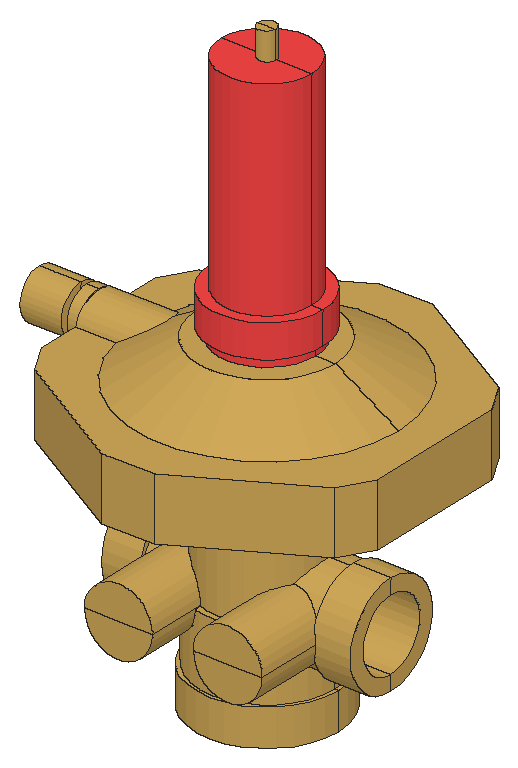
Revit family "Differenzdruckregler 4202 45-80kPa", category Rohrzubehör, Revit 2018
Family settings
  Bemaßung runder Anschluss = Durchmesser verwenden
  Teiletyp = Unterbricht
  OmniClass-Nummer = 23.65.55.14
  OmniClass-Titel = Valves for Liquid Services
  Arbeitsebenenbasiert = Nein
  Immer vertikal = Ja
  Beim Laden mit Abzugskörper schneiden = Nein
  Gemeinsam genutzt = Nein
Parameters (values of type "Ohne Dämmung")
  y2 [instance] = K14 + K9 + H01  # 49.149 mm
  y1 [instance] = (R03 * 2) + R05  # 66.000 mm
  PN = 25  # constant formula
  Min. Betriebstemperatur (Frostschutz) = -20 °C  # constant formula
  Max. zulässige Betriebstemperatur bis DN32 = 130 °C  # constant formula
  Max. zulässige Betriebstemperatur DN40 - DN50 = 110 °C  # constant formula
  Max. Differenzdruck am Gehäuse = 400000.0 Pa  # constant formula
  Max. Betriebsdruck = 25.0 Pa  # constant formula
  Ventilschaft = "Edelstahl 14301"  # constant formula
  URL = "www.herz-armaturen.at"
  SCRNSEQ = "ARM;ARM_TYP=\"DIFR\";2"
  SCRNCODE = "05;03;4"  # constant formula
  S06 [instance] = 1.000 mm  # constant formula
  S05 [instance] = S01 - 1.000 mm  # 16.250 mm
  S04 [instance] = S02 - 1.000 mm  # 18.000 mm
  S03 [instance] = size_lookup("4202 45-80kPa", "S03", 26.500 mm, Nennweite)  # 25.600 mm
  S02 [instance] = size_lookup("4202 45-80kPa", "S02", 19.000 mm, Nennweite)  # 19.000 mm
  S01 [instance] = size_lookup("4202 45-80kPa", "S01", 17.250 mm, Nennweite)  # 17.250 mm
  Regleranschlussmutter = "Messing CW614N"  # constant formula
  Regelbereich = "45 - 80kPa"  # constant formula
  R06 [instance] = size_lookup("4202 45-80kPa", "R06", 14.500 mm, Nennweite)  # 14.500 mm
  R05 [instance] = size_lookup("4202 45-80kPa", "R05", 46.000 mm, Nennweite)  # 46.000 mm
  R04 [instance] = size_lookup("4202 45-80kPa", "R04", 12.500 mm, Nennweite)  # 12.500 mm
  R03 [instance] = size_lookup("4202 45-80kPa", "R03", 10.000 mm, Nennweite)  # 10.000 mm
  R02 = 14.500 mm  # constant formula
  R01 [instance] = size_lookup("4202 45-80kPa", "R01", 12.500 mm, Nennweite)  # 12.500 mm
  Min. Betriebstemperatur (reines Wasser) = 2 °C  # constant formula
  O-Ringe = "EPDM"  # constant formula
  Nennweite [instance] = 15.000 mm
  Membrangehäuse = "Messing CW602N"  # constant formula
  Membrane = "EPDM"  # constant formula
  Medium = "Wasserbeschaffenheit nach ÖNORM H 5195 und VDI 2035\r\nDie Verwendung von Ethylen- und Propylenglykol ist im\r\nMischungsverhältnis 25 - 50 Vol.-% zulässig."
  L2 [instance] = size_lookup("4202 45-80kPa", "L2", 161.000 mm, Nennweite)  # 161.000 mm
  L [instance] = size_lookup("4202 45-80kPa", "L", 66.000 mm, Nennweite)  # 66.000 mm
  K9 = 4.000 mm  # constant formula
  K8 = 55.000 mm  # constant formula
  K7 = 8.700 mm  # constant formula
  K6 = 11.700 mm  # constant formula
  K5 = 13.000 mm  # constant formula
  K4 = 12.000 mm  # constant formula
  K3 = 15.000 mm  # constant formula
  K2 = 2.350 mm  # constant formula
  K18 = 89.000 mm  # constant formula
  K17 = 66.700 mm  # constant formula
  K16 = 3.000 mm  # constant formula
  K15 = 26.649 mm  # constant formula
  K14 = 16.649 mm  # constant formula
  K13 = 16.649 mm  # constant formula
  K12 = 10.000 mm  # constant formula
  K11 = 35.000 mm  # constant formula
  K10 = 18.250 mm  # constant formula
  K1.1 = 2.350 mm  # constant formula
  K1 = 7.651 mm  # constant formula
  J9 = 15.700 mm  # constant formula
  J8 = 7.850 mm  # constant formula
  J7 = 15.897 mm  # constant formula
  J6 = 3.900 mm  # constant formula
  J5 = 6.500 mm  # constant formula
  J4 = 1.500 mm  # constant formula
  J3 = 3.200 mm  # constant formula
  J2 = 11.000 mm  # constant formula
  J11 = 3.500 mm  # constant formula
  J10 = 18.897 mm  # constant formula
  J1 = 6.500 mm  # constant formula
  Hersteller = "HERZ-Armaturen Ges.m.b.H"  # constant formula
  H2 [instance] = size_lookup("4202 45-80kPa", "H2", 28.000 mm, Nennweite)  # 28.000 mm
  H1 [instance] = K1 + K2 + K3 + K4 + K5 + K7 + K8 + K16 + 16.650 mm  # 133.351 mm
  H04 = 4.000 mm  # constant formula
  H03 = 9.800 mm  # constant formula
  H02 [instance] = size_lookup("4202 45-80kPa", "H02", 53.000 mm, Nennweite)  # 53.000 mm
  H01 [instance] = size_lookup("4202 45-80kPa", "H01", 25.000 mm, Nennweite)  # 28.500 mm
  Gehäuse = "DZR Messing CC770S"  # constant formula
  G03 [instance] = size_lookup("4202 45-80kPa", "G03", 13.200 mm, Nennweite)  # 13.200 mm
  G02 [instance] = size_lookup("4202 45-80kPa", "G02", 9.500 mm, Nennweite)  # 9.500 mm
  G01 [instance] = size_lookup("4202 45-80kPa", "G01", 13.500 mm, Nennweite)  # 13.500 mm
  Einstellspindel = "Messing CW614N"  # constant formula
  Hinweise zum Material = "Gemäß Art 33 der REACH-Verordnung (EG Nr. 1907/2006) sind wir verpflichtet, darauf hinzuweisen,\r\ndass der Stoff Blei auf der SVHC-Liste geführt wird und dass alle aus Messing bestehenden Bauteile,\r\ndie in unseren Erzeugnissen verarbeitet sind, mehr als 0,1 % (w/w) Blei (CAS: 7439-92-1 / EINECS:\r\n231-100-4) enthalten. Da Blei als Legierungsbestandteil fest gebunden ist, sind keine Expositionen zu\r\nerwarten und daher sind keine zusätzlichen Angaben zur sicheren Verwendung notwendig.\r\n\r\nIm Hanf enthaltenes Ammoniak schädigt\r\nMessingventilgehäuse, EPDM Dichtungen werden durch\r\nMineralöle bzw. mineralölhaltige Schmierstoffe aufgequollen\r\nund führen somit zum Ausfall der EPDM-Dichtungen. Für\r\nFrost- und Korrosionsschutzmittel auf der Basis von Ethylen- und Propylenglykol sind die entsprechenden\r\nAngaben den Unterlagen des Herstellers zu entnehmen."
  Dämmung = no
  Dämmschale = "EPP (expandiertes Polypropylen)"  # constant formula
  Druckfeder = "Federstahl 14310 NS"  # constant formula
  DN50 [instance] = Nennweite = 50.000 mm  # no
  DN40 [instance] = Nennweite = 40.000 mm  # no
  DN32-40 [instance] = or(Nennweite = 32.000 mm, Nennweite = 40.000 mm)  # no
  DN32 [instance] = Nennweite = 32.000 mm  # no
  DN25,32,40 [instance] = or(Nennweite = 25.000 mm, Nennweite = 32.000 mm, Nennweite = 40.000 mm)  # no
  DN25 [instance] = Nennweite = 25.000 mm  # no
  DN20 [instance] = Nennweite = 20.000 mm  # no
  DN15-25 [instance] = or(Nennweite = 15.000 mm, Nennweite = 20.000 mm, Nennweite = 25.000 mm)  # yes
  DN15,20,50 [instance] = or(Nennweite = 15.000 mm, Nennweite = 20.000 mm, Nennweite = 50.000 mm)  # yes
  DN15 [instance] = Nennweite = 15.000 mm  # yes
  D07 [instance] = if(Nennweite = 15.000 mm, 32.500 mm, if(Nennweite = 20.000 mm, 33.500 mm, if(Nennweite = 25.000 mm, 33.500 mm, if(Nennweite = 32.000 mm, 49.500 mm, if(Nennweite = 40.000 mm, 59.500 mm, if(Nennweite = 50.000 mm, 59.500 mm, 0.000 mm))))))  # 32.500 mm
  D06 [instance] = if(Nennweite = 15.000 mm, 32.500 mm, if(Nennweite = 20.000 mm, 33.500 mm, if(Nennweite = 25.000 mm, 33.500 mm, if(Nennweite = 32.000 mm, 49.500 mm, if(Nennweite = 40.000 mm, 59.500 mm, if(Nennweite = 50.000 mm, 59.500 mm, 0.000 mm))))))  # 32.500 mm
  D05 [instance] = if(Nennweite = 15.000 mm, 36.750 mm, if(Nennweite = 20.000 mm, 40.700 mm, if(Nennweite = 25.000 mm, 49.200 mm, if(Nennweite = 32.000 mm, 54.150 mm, if(Nennweite = 40.000 mm, 60.750 mm, if(Nennweite = 50.000 mm, 72.700 mm, 0.000 mm))))))  # 36.750 mm
  D04 [instance] = if(Nennweite = 15.000 mm, 78.500 mm, if(Nennweite = 20.000 mm, 82.000 mm, if(Nennweite = 25.000 mm, 84.000 mm, if(Nennweite = 32.000 mm, 120.000 mm, if(Nennweite = 40.000 mm, 130.000 mm, if(Nennweite = 50.000 mm, 130.500 mm, 0.000 mm))))))  # 78.500 mm
  D03 [instance] = if(Nennweite = 15.000 mm, 96.000 mm, if(Nennweite = 20.000 mm, 110.000 mm, if(Nennweite = 25.000 mm, 112.000 mm, if(Nennweite = 32.000 mm, 152.000 mm, if(Nennweite = 40.000 mm, 170.000 mm, if(Nennweite = 50.000 mm, 179.000 mm, 0.000 mm))))))  # 96.000 mm
  D02 [instance] = size_lookup("4202 45-80kPa", "R05", 41.000 mm, Nennweite)  # 46.000 mm
  D01 [instance] = size_lookup("4202 45-80kPa", "G01", 13.220 mm, Nennweite)  # 13.500 mm
  Bestellnummer Dämmung [instance] = if(and(Dämmung, Nennweite = 15.000 mm), 1409611, if(and(Dämmung, Nennweite = 20.000 mm), 1409612, if(and(Dämmung, Nennweite = 25.000 mm), 1409613, if(and(Dämmung, Nennweite = 32.000 mm), 1409614, if(and(Dämmung, Nennweite = 40.000 mm), 1409615, if(and(Dämmung, Nennweite = 50.000 mm), 1409616, 0))))))  # 0
  Bestellnummer [instance] = if(Nennweite = 15.000 mm, 1420271, if(Nennweite = 20.000 mm, 1420272, if(Nennweite = 25.000 mm, 1420273, if(Nennweite = 32.000 mm, 1420274, if(Nennweite = 40.000 mm, 1420275, if(Nennweite = 50.000 mm, 1420276, 0))))))  # 1420271
  B2 [instance] = size_lookup("4202 45-80kPa", "B2", 31.000 mm, Nennweite)  # 31.000 mm
  B1 [instance] = size_lookup("4202 45-80kPa", "B1", 26.000 mm, Nennweite)  # 26.000 mm
  B04 = 100.649 mm  # constant formula
  B03 = 44.500 mm  # constant formula
  B02 = 104.688 mm  # constant formula
  B01 = 10.000 mm  # constant formula
  Anzeigehülse = "Kunststoff (Rot)"  # constant formula
  Anwendungsgebiet = "Der Differenzdruckregler ist ein Regler mit linearer Kennlinie in Geradsitzausführung und arbeitet ohne\r\nHilfsenergie. Der gewünschte Differenzdruck-Sollwert kann zwischen 5 und 30 kPa; 25 und 60 kPa bzw.\r\n45 und 80 kPa stufenlos eingestellt werden. Der eingestellte Wert ist mit Hilfe des Einstelldiagrammes\r\nablesbar. Werksseitig ist der Sollwert auf Minimum eingestellt. Der erforderliche Sollwert wird mit dem\r\nEinstellwerkzeug (1 4006 02) eingestellt. Im Lieferumfang enthalten ist die Impulsleitung (1000 mm),\r\ndiese ist im Vorlauf einzubinden."
  Anschlussnippel = "Messing CW602N"  # constant formula
Types (2, lengths in mm): name | Dämmung | Bestellnummer Dämmung
  Ohne Dämmung | no | 0
  Mit Dämmung | yes | 1409611
Reference planes
  plane 1 "Mitte (Vorne/hinten)": y = 0
  plane 2: z = 0
  plane 3 "Mitte (Links/rechts)": x = 0
Forms (mm)
  Revolve 1, solid, material "Messing, weicher Gelbton, geschweißt", detail levels fine
    sketch origin (0, 0, 0) x (1, 0, 0) y (0, 0, 1)
      loop
        line (-19.8, 0) -> (19.8, 0) -> (19.8, 9.5) -> (33, 9.5) -> (33, 13.5) -> (23, 13.5) -> (23, 12.5) -> (-23, 12.5) -> (-23, 13.5) -> (-33, 13.5) -> (-33, 9.5) -> (-19.8, 9.5) -> (-19.8, 0)
      axis (-33, 0) -> (33, 0)
    angle from 0 to 360
  Revolve 2, solid, material "Messing, weicher Gelbton, geschweißt", detail levels fine
    sketch origin (0, 0, 0) x (1, 0, 0) y (0, 0, 1)
      loop
        line (0, -28) -> (0, 0) -> (-18, 0) -> (-18, -18.2) -> (-19, -18.2) -> (-19, -28) -> (0, -28)
      axis (0, 0) -> (0, -28)
    angle from 0 to 360
  Extrusion 3, solid, material "Messing, weicher Gelbton, geschweißt", detail levels fine
    sketch origin (0, 0, 0) x (0, -1, 0) y (1, 0, 0)
      loop
        line (-46, -7.038) -> (-27.114, -39.75) -> (-18.886, -44.5) -> (18.886, -44.5) -> (27.114, -39.75) -> (46, -7.038) -> (46, 7.038) -> (27.114, 39.75) -> (18.886, 44.5) -> (-18.886, 44.5) -> (-27.114, 39.75) -> (-46, 7.038) -> (-46, -7.038)
    from 32.5 to 49.149
  Revolve 4, solid, material "Messing, weicher Gelbton, geschweißt", detail levels fine
    sketch origin (0, 0, -7.051) x (1, 0, 0) y (0, 0, 1)
      loop
        line (0, 56.2) -> (0, 66.2) -> (-18.25, 66.2) -> (-35, 56.2) -> (0, 56.2)
      axis (0, 66.2) -> (0, 56.2)
    angle from 0 to 360
  Revolve 5, solid, material "Messing, weicher Gelbton, geschweißt", visible <- "DN15-25", detail levels fine
    sketch origin (-11, 0, 0) x (1, 0, 0) y (0, 1, 0)
      loop
        line (-1.5, 26) -> (-9.2, 26) -> (-9.2, 0) -> (-1.5, 0) -> (-1.5, 26)
      axis (-1.5, 0) -> (-1.5, 26)
    angle from 0 to 360
  Revolve 6, solid, material "Messing, weicher Gelbton, geschweißt", visible <- "DN15,20,50", detail levels fine
    sketch origin (-0.988, 0, -6.853) x (-1, 0, 0) y (0, 0, 1)
      loop
        line (43.5, 55.25) -> (59.2, 55.25) -> (59.2, 61.75) -> (48.2, 61.75) -> (48.2, 59.15) -> (46.7, 59.15) -> (46.7, 61.75) -> (43.5, 61.75) -> (43.5, 55.25)
      axis (43.5, 55.25) -> (59.2, 55.25)
    angle from 0 to 360
  Extrusion 7, solid, material "Messing, weicher Gelbton, geschweißt", visible <- "DN15,20,50", detail levels fine
    sketch origin (0, 0, 0) x (0, 1, 0) y (0, 0, -1)
      loop
        line (7.85, -47.047) -> (7.85, -36) -> (-7.85, -36) -> (-7.85, -47.047)
        arc (-7.85, -47.047) -> (0, -54.897) -> (7.85, -47.047) r 7.85
    from 0 to 44.5
  Revolve 8, solid, material "Kunsstoff rot", detail levels fine
    sketch origin (0, 0, 0) x (1, 0, 0) y (0, 0, 1)
      loop
        line (-12, 125.849) -> (-12, 70.849) -> (-15, 70.849) -> (-15, 62.149) -> (-13, 62.149) -> (-13, 59.149) -> (0, 59.149) -> (0, 125.849) -> (-12, 125.849)
      axis (0, 125.849) -> (0, 59.149)
    angle from 0 to 360
  Revolve 9, solid, material "Messing, weicher Gelbton, geschweißt", visible <- "DN15-25", detail levels fine
    sketch origin (-2, 0, 0) x (1, 0, 0) y (0, 1, 0)
      loop
        line (-12.5, 0) -> (-21.5, 0) -> (-21.5, -31) -> (-12.5, -31) -> (-12.5, 0)
      axis (-12.5, 0) -> (-12.5, -31)
    angle from 0 to 360
  Revolve 10, solid, material "Messing, weicher Gelbton, geschweißt", visible <- "DN15-25", detail levels fine
    sketch origin (2, 0, 0) x (1, 0, 0) y (0, 1, 0)
      loop
        line (12.5, 0) -> (12.5, -31) -> (21.6, -31) -> (21.6, 0) -> (12.5, 0)
      axis (12.5, 0) -> (12.5, -31)
    angle from 0 to 360
  Extrusion 11, solid, material "Messing, weicher Gelbton, geschweißt", visible <- "DN32", detail levels fine
    sketch origin (-31.5, 0, 0) x (1, 0, 0) y (0, 1, 0)
      loop
        circle (63, 0) r 6.578
      loop
        circle (63, 0) r 3.28
    from -47 to 0
  Extrusion 12, solid, material "Messing, weicher Gelbton, geschweißt", visible <- "DN32", detail levels fine
    sketch origin (31.5, 0, 0) x (-1, 0, 0) y (0, -1, 0)
      loop
        circle (63, 0) r 6.578
      loop
        circle (63, 0) r 3.28
    from -47 to 0
  Revolve 13, solid, material "Messing, weicher Gelbton, geschweißt", detail levels fine
    sketch origin (0, 0, 0) x (1, 0, 0) y (0, 0, 1)
      loop
        line (-16.25, 0) -> (0, 0) -> (0, 32.5) -> (-12.25, 32.5) -> (-12.25, 28.5) -> (-17.25, 28.5) -> (-17.25, 18.7) -> (-16.25, 18.7) -> (-16.25, 0)
      axis (0, 32.5) -> (0, 0)
    angle from 0 to 360
  Extrusion 14, solid, material "Messing, weicher Gelbton, geschweißt", visible <- "DN40", detail levels fine
    sketch origin (29.382, 0, 0) x (-1, 0, 0) y (0, -1, 0)
      loop
        circle (63, 0) r 6.578
      loop
        circle (63, 0) r 3.28
    from -58 to 0
  Extrusion 15, solid, material "Messing, weicher Gelbton, geschweißt", visible <- "DN40", detail levels fine
    sketch origin (-29.455, 0, 0) x (1, 0, 0) y (0, 1, 0)
      loop
        circle (63, 0) r 6.578
      loop
        circle (63, 0) r 3.28
    from -58 to 0
  Extrusion 16, solid, material "Messing, weicher Gelbton, geschweißt", visible <- "DN50", detail levels fine
    sketch origin (28.422, 0, 0) x (-1, 0, 0) y (0, -1, 0)
      loop
        circle (63, 0) r 6.578
      loop
        circle (63, 0) r 3.28
    from -58 to 0
  Extrusion 17, solid, material "Messing, weicher Gelbton, geschweißt", visible <- "DN50", detail levels fine
    sketch origin (-28.422, 0, 0) x (1, 0, 0) y (0, 1, 0)
      loop
        circle (63, 0) r 6.578
      loop
        circle (63, 0) r 3.28
    from -58 to 0
  Revolve 18, solid, material "Messing, weicher Gelbton, geschweißt", detail levels fine
    sketch origin (0, 0, 0) x (1, 0, 0) y (0, 0, 1)
      loop
        line (-2.35, 125.349) -> (0, 125.349) -> (0, 133) -> (-2.35, 133) -> (-2.35, 125.349)
      axis (0, 133) -> (0, 125.349)
    angle from 0 to 360
  Revolve 19, solid, material "Messing, weicher Gelbton, geschweißt", visible <- "DN32-40", detail levels fine
    sketch origin (-11, 0, 0) x (1, 0, 0) y (0, 1, 0)
      loop
        line (-1.5, -26) -> (-1.5, 0) -> (-9.2, 0) -> (-9.2, -26) -> (-1.5, -26)
      axis (-1.5, 0) -> (-1.5, -26)
    angle from 0 to 360
  Revolve 20, solid, material "Messing, weicher Gelbton, geschweißt", visible <- "DN25,32,40", detail levels fine
    sketch origin (0.988, 0, 20.147) x (1, 0, 0) y (0, 0, 1)
      loop
        line (43.5, 28.25) -> (59.2, 28.25) -> (59.2, 34.75) -> (48.2, 34.75) -> (48.2, 32.15) -> (46.7, 32.15) -> (46.7, 34.75) -> (43.5, 34.75) -> (43.5, 28.25)
      axis (43.5, 28.25) -> (59.2, 28.25)
    angle from 0 to 360
  Extrusion 21, solid, material "Messing, weicher Gelbton, geschweißt", visible <- "DN25", detail levels fine
    sketch origin (0, 0, 0) x (0, 1, 0) y (0, 0, 1)
      loop
        arc (7.85, 48.047) -> (0, 55.897) -> (-7.85, 48.047) r 7.85
        line (-7.85, 48.047) -> (-7.85, 37) -> (7.85, 37) -> (7.85, 48.047)
    from 0 to 44.5
  Extrusion 22, solid, material "Messing, weicher Gelbton, geschweißt", visible <- "DN32", detail levels fine
    sketch origin (0, 0, 0) x (0, 1, 0) y (0, 0, 1)
      loop
        arc (7.85, 64.047) -> (0, 71.897) -> (-7.85, 64.047) r 7.85
        line (-7.85, 64.047) -> (-7.85, 53) -> (7.85, 53) -> (7.85, 64.047)
    from 0 to 44.5
  Extrusion 23, solid, material "Messing, weicher Gelbton, geschweißt", visible <- "DN40", detail levels fine
    sketch origin (0, 0, 0) x (0, 1, 0) y (0, 0, 1)
      loop
        arc (7.85, 74.047) -> (0, 81.897) -> (-7.85, 74.047) r 7.85
        line (-7.85, 74.047) -> (-7.85, 63) -> (7.85, 63) -> (7.85, 74.047)
    from 0 to 44.5
  Revolve 24, solid, material "Kunststoff-Anthrazit/Schwarz", visible <- "Dämmung"
    sketch origin (0, 0, 0) x (1, 0, 0) y (0, 0, 1)
      loop
        line (0, -46) -> (36.75, -46) -> (36.75, 32.5) -> (0, 32.5) -> (0, -46)
      axis (0, 32.5) -> (0, -46)
    angle from 0 to 360
  Revolve 25, solid, material "Kunststoff-Anthrazit/Schwarz", visible <- "Dämmung"
    sketch origin (0, 0, 0) x (1, 0, 0) y (0, 0, 1)
      loop
        line (48, 32.5) -> (-48, 32.5) -> (-48, 13.5) -> (-23, 13.5) -> (-23, 0) -> (0, 0) -> (23, 0) -> (23, 13.5) -> (48, 13.5) -> (48, 32.5)
      axis (-48, 0) -> (48, 0)
    angle from 0 to 360
Lines and regions (mm)
  model lines, detail levels coarse+medium
    curve 1: line (33, -13.5, 0) -> (33, 13.5, 0)
    curve 2: line (33, 13.5, 0) -> (-33, -13.5, 0)
    curve 3: line (-33, -13.5, 0) -> (-33, 13.5, 0)
    curve 4: line (-33, 13.5, 0) -> (33, -13.5, 0)
    curve 5: spline (-44.5, -40.824, 0) -> (-42.984, -38.67, 0) -> (-38.538, -36.662, 0) -> (-31.466, -34.938, 0) -> (-22.25, -33.615, 0) -> (-11.517, -32.784, 0) -> (0, -32.5, 0) -> (11.517, -32.784, 0) -> (22.25, -33.615, 0) -> (31.466, -34.938, 0) -> (38.538, -36.662, 0) -> (42.984, -38.67, 0) -> (44.5, -40.825, 0) -> (42.984, -42.979, 0) -> (38.538, -44.987, 0) -> (31.466, -46.711, 0) -> (22.25, -48.034, 0) -> (11.517, -48.865, 0) -> (0, -49.149, 0) -> (-11.517, -48.865, 0) -> (-22.25, -48.034, 0) -> (-31.466, -46.711, 0) -> (-38.538, -44.987, 0) -> (-42.984, -42.979, 0) -> (-44.5, -40.824, 0)
    curve 6: line (-33, 0, 13.5) -> (-33, 0, -13.5)
    curve 7: line (-33, 0, -13.5) -> (33, 0, 13.5)
    curve 8: line (33, 0, 13.5) -> (33, 0, -13.5)
    curve 9: line (33, 0, -13.5) -> (-33, 0, 13.5)
    curve 10: line (0, 0, 13.5) -> (0, 0, 32.5)
    curve 11: spline (-44.5, 0, 40.825) -> (-42.984, 0, 42.979) -> (-38.538, 0, 44.987) -> (-31.466, 0, 46.711) -> (-22.25, 0, 48.034) -> (-11.517, 0, 48.865) -> (0, 0, 49.149) -> (11.517, 0, 48.865) -> (22.25, 0, 48.034) -> (31.466, 0, 46.711) -> (38.538, 0, 44.987) -> (42.984, 0, 42.979) -> (44.5, 0, 40.824) -> (42.984, 0, 38.67) -> (38.538, 0, 36.662) -> (31.466, 0, 34.938) -> (22.25, 0, 33.615) -> (11.517, 0, 32.784) -> (0, 0, 32.5) -> (-11.517, 0, 32.784) -> (-22.25, 0, 33.615) -> (-31.466, 0, 34.938) -> (-38.538, 0, 36.662) -> (-42.984, 0, 38.67) -> (-44.5, 0, 40.825)
    curve 12: line (0, 0, 13.5) -> (16.5, 0, 6.75)
    curve 13: line (0, 0, 13.5) -> (-16.5, 0, 6.75)
    curve 14: line (33, 0, 0) -> (63, 0, 0)
    curve 15: line (-33, 0, 0) -> (-63, 0, 0)
    curve 16: line (0, -19, 0) -> (-16.5, -6.75, 0)
    curve 17: line (0, -19, 0) -> (16.5, -6.75, 0)
  model lines
    curve 18: line (0, -19, 0) -> (0, -32.5, 0)
Dimensions and locks
  "G01": Revolve 1 sketch curve to Revolve 1 sketch curve  (x2)
  "R01": Revolve 1 sketch curve to Revolve 1 sketch curve
  "R03": Revolve 1 sketch curve to Revolve 1 sketch curve  (x2)
  "K10": Revolve 4 sketch curve to Revolve 4 sketch curve
  "K11": Revolve 4 sketch curve to Revolve 4 sketch curve
  "B1": Revolve 5 sketch curve to Revolve 5 sketch curve
  "J1": Revolve 6 sketch curve to Revolve 6 sketch curve
  "J3": Revolve 6 sketch curve to Revolve 6 sketch curve
  "J4": Revolve 6 sketch curve to Revolve 6 sketch curve
  "J2": Revolve 6 sketch curve to Revolve 6 sketch curve
  "J5": Revolve 6 sketch curve to Revolve 6 sketch curve
  "J6": Revolve 6 sketch curve to Revolve 6 sketch curve
  "H2": plane 2 to Revolve 2 sketch curve
  "H03": Revolve 2 sketch curve to Revolve 2 sketch curve
  "S02": plane 3 "Mitte (Links/rechts)" to Revolve 2 sketch curve
  "B02": Revolve 6 to Extrusion 3
  "B03": Extrusion 3 to plane 3 "Mitte (Links/rechts)"
  "R04": Revolve 5 sketch curve to plane 3 "Mitte (Links/rechts)"
  "K4": Revolve 8 sketch curve to Revolve 8 sketch curve
  "K3": Revolve 8 sketch curve to Revolve 8 sketch curve
  "K7": Revolve 8 sketch curve to Revolve 8 sketch curve
  "K5": Revolve 8 sketch curve to Revolve 8 sketch curve
  "K8": Revolve 8 sketch curve to Revolve 8 sketch curve
  "K12": Revolve 4 sketch curve to Revolve 4 sketch curve
  "K13": Revolve 4 sketch curve to Extrusion 3
  "K14": Extrusion 3 to Extrusion 3
  "K16": Revolve 8 sketch curve to Revolve 8 sketch curve
  "K15": Revolve 8 to Extrusion 3
  "R05": Revolve 1 sketch curve to Revolve 1 sketch curve
  equal spacing: Revolve 1 sketch curve, plane 3 "Mitte (Links/rechts)", Revolve 1 sketch curve
  "B2": plane 1 "Mitte (Vorne/hinten)" to Revolve 9 sketch curve
  "B2": Revolve 10 sketch curve to plane 1 "Mitte (Vorne/hinten)"
  "R06": Revolve 9 sketch curve to plane 3 "Mitte (Links/rechts)"
  "R06": plane 3 "Mitte (Links/rechts)" to Revolve 10 sketch curve
  "S01": Revolve 13 sketch curve to plane 3 "Mitte (Links/rechts)"
  "S05": plane 3 "Mitte (Links/rechts)" to Revolve 13 sketch curve
  "H04": Revolve 13 sketch curve to Revolve 13 sketch curve
  "H03": Revolve 13 sketch curve to Revolve 13 sketch curve
  "H01": Revolve 13 sketch curve to plane 2
  "K9": Extrusion 3 to Revolve 13
  "S06": Revolve 2 sketch curve to Revolve 2 sketch curve
  "J7": Revolve 6 sketch curve to Extrusion 3
  "J9": Extrusion 7 sketch curve to Extrusion 7 sketch curve
  "J10": Revolve 6 to Extrusion 7 sketch curve
  "J11": Extrusion 7 sketch curve to Extrusion 3
  equal spacing: curve 6, curve 5, curve 8
  "K18": Extrusion 3 to Extrusion 3
  "G01": curve 9 to plane 2
  "G01": plane 2 to curve 7
  "G01": curve 8 to plane 2
  "G01": plane 2 to curve 9
  "K18": curve 11 to curve 11
  "G01": curve 13 to plane 2
  "K14": curve 11 to curve 11
  "y2": curve 11 to plane 2
  "G01": plane 1 "Mitte (Vorne/hinten)" to curve 4
  "G01": curve 3 to plane 1 "Mitte (Vorne/hinten)"
  equal spacing: curve 3, curve 11, curve 1
  equal spacing: curve 3, curve 17, curve 1
  "y1": curve 3 to curve 1
  "G01": plane 1 "Mitte (Vorne/hinten)" to curve 2
  "G01": curve 4 to plane 1 "Mitte (Vorne/hinten)"
  "K18": curve 5 to curve 5
  "K14": curve 5 to curve 5
  "y2": curve 5 to plane 1 "Mitte (Vorne/hinten)"
  "K1.1": plane 3 "Mitte (Links/rechts)" to Revolve 18 sketch curve
  "B1": Revolve 19 sketch curve to Revolve 19 sketch curve
  "R04": Revolve 19 sketch curve to plane 3 "Mitte (Links/rechts)"
  "G02": Revolve 1 sketch curve to plane 2  (x2)
  "G03": Revolve 1 sketch curve to Revolve 1 sketch curve  (x2)
  Revolve 1 sketch curve to Revolve 1 sketch curve = 66.000 mm
  Revolve 1 to Revolve 1 = 66.000 mm
  "L2": Revolve 18 to Revolve 2
  "J1": Revolve 20 sketch curve to Revolve 20 sketch curve
  "J3": Revolve 20 sketch curve to Revolve 20 sketch curve
  "J4": Revolve 20 sketch curve to Revolve 20 sketch curve
  "J2": Revolve 20 sketch curve to Revolve 20 sketch curve
  "J5": Revolve 20 sketch curve to Revolve 20 sketch curve
  "J6": Revolve 20 sketch curve to Revolve 20 sketch curve
  "J7": Revolve 20 sketch curve to Extrusion 3
  "J9": Extrusion 21 sketch curve to Extrusion 21 sketch curve
  "J9": Extrusion 22 sketch curve to Extrusion 22 sketch curve
  "J9": Extrusion 23 sketch curve to Extrusion 23 sketch curve
  "L": curve 6 to curve 8
  equal spacing: Revolve 1, curve 13, plane 3 "Mitte (Links/rechts)"
  equal spacing: plane 3 "Mitte (Links/rechts)", curve 12, Revolve 1
  equal spacing: curve 3, curve 16, plane 3 "Mitte (Links/rechts)"
  equal spacing: plane 3 "Mitte (Links/rechts)", curve 17, curve 1
  "D06": Revolve 24 sketch curve to plane 2
  "D05": Revolve 24 sketch curve to Revolve 24 sketch curve
  "D04": Revolve 24 sketch curve to Revolve 24 sketch curve
  "D07": Revolve 25 sketch curve to plane 2
  "D01": Revolve 25 sketch curve to plane 2  (x2)
  "D03": Revolve 25 sketch curve to Revolve 25 sketch curve
  "D02": Revolve 25 sketch curve to Revolve 25 sketch curve
  equal spacing: Revolve 25 sketch curve, plane 3 "Mitte (Links/rechts)", Revolve 25 sketch curve  (x2)
  "J8": radius of Extrusion 7 sketch curve
  "J8": radius of Extrusion 21 sketch curve
  "J8": radius of Extrusion 22 sketch curve
  "J8": radius of Extrusion 23 sketch curve
  aligned and locked: level to plane 2
Automatic sketch dimensions
  plane 3 "Mitte (Links/rechts)" to Extrusion 3 sketch curve = 7.038 mm  (x2)
  Extrusion 3 sketch curve to plane 1 "Mitte (Vorne/hinten)" = 46.000 mm
  Extrusion 3 sketch curve to plane 1 "Mitte (Vorne/hinten)" = 27.114 mm  (x2)
  Extrusion 3 sketch curve to Extrusion 3 sketch curve = 8.227 mm  (x4)
  plane 1 "Mitte (Vorne/hinten)" to Extrusion 3 sketch curve = 18.886 mm  (x2)
  Extrusion 3 sketch curve to Extrusion 3 sketch curve = 18.886 mm
  Extrusion 3 sketch curve to plane 3 "Mitte (Links/rechts)" = 7.038 mm  (x2)
  Extrusion 3 sketch curve to Extrusion 3 sketch curve = 32.712 mm  (x4)
  Extrusion 3 sketch curve to Extrusion 3 sketch curve = 4.750 mm  (x2)
  Extrusion 11 sketch curve to Extrusion 11 sketch curve = 0.000 mm  (x2)
  plane 1 "Mitte (Vorne/hinten)" to Extrusion 11 sketch curve = 0.000 mm
  plane 3 "Mitte (Links/rechts)" to Extrusion 11 sketch curve = 31.500 mm
  Extrusion 12 sketch curve to Extrusion 12 sketch curve = 0.000 mm  (x2)
  plane 1 "Mitte (Vorne/hinten)" to Extrusion 12 sketch curve = 0.000 mm
  plane 3 "Mitte (Links/rechts)" to Extrusion 12 sketch curve = 31.500 mm
  Extrusion 14 sketch curve to Extrusion 14 sketch curve = 0.000 mm  (x2)
  plane 1 "Mitte (Vorne/hinten)" to Extrusion 14 sketch curve = 0.000 mm
  plane 3 "Mitte (Links/rechts)" to Extrusion 14 sketch curve = 33.618 mm
  Extrusion 15 sketch curve to Extrusion 15 sketch curve = 0.000 mm  (x2)
  plane 1 "Mitte (Vorne/hinten)" to Extrusion 15 sketch curve = 0.000 mm
  plane 3 "Mitte (Links/rechts)" to Extrusion 15 sketch curve = 33.545 mm
  Extrusion 16 sketch curve to Extrusion 16 sketch curve = 0.000 mm  (x2)
  plane 1 "Mitte (Vorne/hinten)" to Extrusion 16 sketch curve = 0.000 mm
  plane 3 "Mitte (Links/rechts)" to Extrusion 16 sketch curve = 34.578 mm
  Extrusion 17 sketch curve to Extrusion 17 sketch curve = 0.000 mm  (x2)
  plane 1 "Mitte (Vorne/hinten)" to Extrusion 17 sketch curve = 0.000 mm
  plane 3 "Mitte (Links/rechts)" to Extrusion 17 sketch curve = 34.578 mm
  curve 15 to level = 0.000 mm
  curve 10 to plane 3 "Mitte (Links/rechts)" = 0.000 mm
  curve 11 to plane 3 "Mitte (Links/rechts)" = 0.000 mm
  curve 14 to level = 0.000 mm
  curve 15 to curve 15 = 30.000 mm
  curve 14 to curve 14 = 30.000 mm
  curve 18 to plane 3 "Mitte (Links/rechts)" = 0.000 mm
  curve 5 to plane 3 "Mitte (Links/rechts)" = 0.000 mm
  curve 18 to curve 17 = 13.500 mm
  Revolve 1 sketch curve to level = 0.000 mm  (x2)
  Revolve 1 sketch curve to Revolve 1 sketch curve = 1473.530 mm
  Revolve 1 sketch curve to Revolve 1 sketch curve = 1806.148 mm
  Revolve 2 sketch curve to level = 0.000 mm
  Revolve 2 sketch curve to plane 3 "Mitte (Links/rechts)" = 0.000 mm  (x2)
  Revolve 2 sketch curve to Revolve 2 sketch curve = 1.000 mm
  Revolve 2 sketch curve to Revolve 2 sketch curve = 334.045 mm
  level to Revolve 2 sketch curve = 2218.015 mm
  Revolve 4 sketch curve to plane 3 "Mitte (Links/rechts)" = 0.000 mm  (x2)
  Revolve 4 sketch curve to level = 373.096 mm
  Revolve 4 sketch curve to Revolve 4 sketch curve = 2155.315 mm
  plane 1 "Mitte (Vorne/hinten)" to Revolve 5 sketch curve = 0.000 mm  (x2)
  Revolve 5 sketch curve to Revolve 5 sketch curve = 0.000 mm  (x2)
  Revolve 5 sketch curve to Revolve 5 sketch curve = 7.700 mm
  plane 3 "Mitte (Links/rechts)" to Revolve 6 sketch curve = 44.488 mm
  Revolve 6 sketch curve to Revolve 6 sketch curve = 0.000 mm  (x3)
  Extrusion 7 sketch curve to plane 1 "Mitte (Vorne/hinten)" = 0.000 mm
  Extrusion 7 sketch curve to Extrusion 7 sketch curve = 11.047 mm
  Extrusion 7 sketch curve to Extrusion 7 sketch curve = 0.000 mm
  Revolve 8 sketch curve to plane 3 "Mitte (Links/rechts)" = 0.000 mm  (x2)
  level to Revolve 8 sketch curve = 59.149 mm
  Revolve 8 sketch curve to Revolve 8 sketch curve = 0.000 mm  (x2)
  plane 1 "Mitte (Vorne/hinten)" to Revolve 9 sketch curve = 0.000 mm  (x2)
  Revolve 9 sketch curve to Revolve 9 sketch curve = 9.000 mm
  Revolve 9 sketch curve to Revolve 9 sketch curve = 0.000 mm  (x2)
  plane 1 "Mitte (Vorne/hinten)" to Revolve 10 sketch curve = 0.000 mm  (x2)
  Revolve 10 sketch curve to Revolve 10 sketch curve = 9.100 mm
  Revolve 10 sketch curve to Revolve 10 sketch curve = 0.000 mm  (x2)
  Revolve 13 sketch curve to level = 0.000 mm  (x2)
  Revolve 13 sketch curve to plane 3 "Mitte (Links/rechts)" = 0.000 mm  (x2)
  Revolve 13 sketch curve to Revolve 13 sketch curve = 5.000 mm
  Revolve 13 sketch curve to Revolve 13 sketch curve = 0.000 mm
  Revolve 18 sketch curve to plane 3 "Mitte (Links/rechts)" = 0.000 mm  (x2)
  level to Revolve 18 sketch curve = 125.349 mm
  Revolve 18 sketch curve to Revolve 18 sketch curve = 7.651 mm
  Revolve 18 sketch curve to Revolve 18 sketch curve = 0.000 mm  (x2)
  plane 1 "Mitte (Vorne/hinten)" to Revolve 19 sketch curve = 0.000 mm  (x2)
  Revolve 19 sketch curve to Revolve 19 sketch curve = 7.700 mm
  Revolve 19 sketch curve to Revolve 19 sketch curve = 0.000 mm  (x2)
  plane 3 "Mitte (Links/rechts)" to Revolve 20 sketch curve = 44.488 mm
  Revolve 20 sketch curve to Revolve 20 sketch curve = 0.000 mm  (x3)
  Extrusion 21 sketch curve to plane 1 "Mitte (Vorne/hinten)" = 0.000 mm
  level to Extrusion 21 sketch curve = 37.000 mm
  Extrusion 21 sketch curve to Extrusion 21 sketch curve = 11.047 mm
  Extrusion 21 sketch curve to Extrusion 21 sketch curve = 0.000 mm
  Extrusion 22 sketch curve to plane 1 "Mitte (Vorne/hinten)" = 0.000 mm
  level to Extrusion 22 sketch curve = 53.000 mm
  Extrusion 22 sketch curve to Extrusion 22 sketch curve = 11.047 mm
  Extrusion 22 sketch curve to Extrusion 22 sketch curve = 0.000 mm
  Extrusion 23 sketch curve to plane 1 "Mitte (Vorne/hinten)" = 0.000 mm
  level to Extrusion 23 sketch curve = 63.000 mm
  Extrusion 23 sketch curve to Extrusion 23 sketch curve = 11.047 mm
  Extrusion 23 sketch curve to Extrusion 23 sketch curve = 0.000 mm
  Revolve 24 sketch curve to plane 3 "Mitte (Links/rechts)" = 0.000 mm  (x2)
  Revolve 24 sketch curve to Revolve 24 sketch curve = 15.454 mm
  Revolve 24 sketch curve to Revolve 24 sketch curve = 0.000 mm
  Revolve 25 sketch curve to level = 0.000 mm  (x2)
  Revolve 25 sketch curve to plane 3 "Mitte (Links/rechts)" = 0.000 mm
  Revolve 25 sketch curve to Revolve 25 sketch curve = 0.000 mm  (x2)
  radius of Extrusion 11 sketch curve = 6.578 mm
  radius of Extrusion 11 sketch curve = 3.280 mm
  radius of Extrusion 12 sketch curve = 6.578 mm
  radius of Extrusion 12 sketch curve = 3.280 mm
  radius of Extrusion 14 sketch curve = 6.578 mm
  radius of Extrusion 14 sketch curve = 3.280 mm
  radius of Extrusion 15 sketch curve = 6.578 mm
  radius of Extrusion 15 sketch curve = 3.280 mm
  radius of Extrusion 16 sketch curve = 6.578 mm
  radius of Extrusion 16 sketch curve = 3.280 mm
  radius of Extrusion 17 sketch curve = 6.578 mm
  radius of Extrusion 17 sketch curve = 3.280 mm
Nested families
  nested 1: "Herz-Logo-vorne" at (-0.018, 17.815, -12.904) x (0, -1, 0) z (0, 0, 1), type "Herz-Logo-vorne", detail levels fine
  nested 2: "Herz-Logo-vorne" at (-0.018, 24.058, 0) x (0, -1, 0) z (0, 0, 1), visible <- "DN32", type "Herz-Logo-vorne", detail levels fine
  nested 3: "Herz-Logo-vorne" at (-0.018, 33.471, 0) x (0, -1, 0) z (0, 0, 1), visible <- "DN50", type "Herz-Logo-vorne", detail levels fine
  nested 4: "Herz-Logo-vorne" at (-0.018, 26.482, 0) x (0, -1, 0) z (0, 0, 1), visible <- "DN40", type "Herz-Logo-vorne", detail levels fine
Connectors
  piping at (33, 0, 0), diameter 15, driven by "Nennweite"
    settings: on Revolve 1, index 1, connector inside diameter 609.6 mm, connector length 0.000 mm, flow factor 0, pipe flow 0.0 L/s, pressure drop 0.0 Pa, fitting loss kfactor 0, connector angle 0.00°, fixture units 0, engagement length 0.000 mm, angle of deflection 0.00°, flow configuration 0, flow direction 2, fitting loss method 0, system type 29, joint type 0, gender type 0, connector reference index -1, connector utility 0, adjustable connector no, is connector primary yes, connector description ""
  piping at (-33, 0, 0), diameter 15, driven by "Nennweite"
    settings: on Revolve 1, index 2, connector inside diameter 609.6 mm, connector length 0.000 mm, flow factor 0, pipe flow 0.0 L/s, pressure drop 0.0 Pa, fitting loss kfactor 0, connector angle 0.00°, fixture units 0, engagement length 0.000 mm, angle of deflection 0.00°, flow configuration 0, flow direction 1, fitting loss method 0, system type 7, joint type 0, gender type 0, connector reference index -1, connector utility 0, adjustable connector no, is connector primary no, connector description ""
Definition of nested family "Herz-Logo-vorne"
  Reference planes
    plane 1 "Mitte (Vorne/hinten)": y = 0
    plane 2: z = 0
    plane 3 "Mitte (Links/rechts)": x = 0
  Forms (mm)
    Extrusion 1, solid
      sketch origin (0.732, -0.018, 0.017) x (0, -1, 0) y (0, 0, 1)
        loop
          line (-0.018, -4.517) -> (4.482, -4.517) -> (4.482, 4.483) -> (-4.518, 4.483) -> (-4.518, -4.517) -> (-0.018, -4.517)
        loop
          line (-0.05, -3.48) -> (3.482, -3.48) -> (3.482, 3.483) -> (-3.518, 3.483) -> (-3.518, -3.48) -> (-0.05, -3.48)
        loop
          arc (-0.018, 2.383) -> (-1.543, 3.287) -> (-3.067, 2.383) r 1.738
          arc (-3.067, 2.383) -> (-3.191, 1.899) -> (-3.067, 1.415) r 1.009
          line (-3.067, 1.415) -> (-0.018, -3.281) -> (3.032, 1.415)
          arc (3.032, 1.415) -> (3.156, 1.899) -> (3.032, 2.383) r 1.009
          arc (3.032, 2.383) -> (1.507, 3.287) -> (-0.018, 2.383) r 1.738
        loop
          arc (1.885, 1.272) -> (2.005, 1.675) -> (1.885, 2.079) r 0.74
          arc (1.885, 2.079) -> (1.265, 2.416) -> (0.644, 2.079) r 0.74
          line (0.644, 2.079) -> (-0.018, 0.97) -> (-0.679, 2.079)
          arc (-0.679, 2.079) -> (-1.3, 2.416) -> (-1.921, 2.079) r 0.74
          arc (-1.921, 2.079) -> (-2.04, 1.675) -> (-1.921, 1.272) r 0.74
          line (-1.921, 1.272) -> (-0.018, -1.658) -> (1.885, 1.272)
      from 0 to 1.5
  Dimensions and locks
    aligned and locked: level to plane 2
